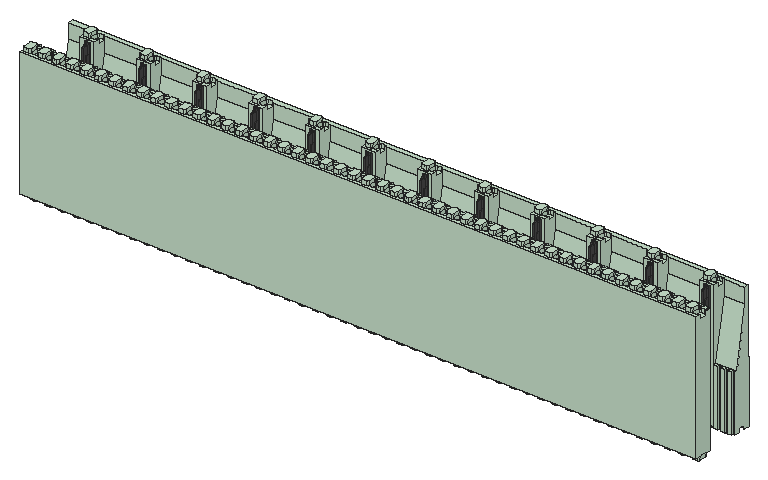
Revit family (continued)
Forms (in)
  Extrusion 172, solid, material "NUDURA Expanded Polystyrene Foam Insulation"
    sketch origin (0, 0, 0) x (1, 0, 0) y (0, 1, 0)
      loop
        line (6.28117, 3.25) -> (6.21883, 3) -> (6.78117, 3) -> (6.71883, 3.25) -> (6.28117, 3.25)
      loop
        line (7.28117, 3.25) -> (7.21883, 3) -> (7.78117, 3) -> (7.71883, 3.25) -> (7.28117, 3.25)
      loop
        line (8.28117, 3.25) -> (8.21883, 3) -> (8.78117, 3) -> (8.71883, 3.25) -> (8.28117, 3.25)
      loop
        line (9.28117, 3.25) -> (9.21883, 3) -> (9.78117, 3) -> (9.71883, 3.25) -> (9.28117, 3.25)
      loop
        line (10.28117, 3.25) -> (10.21883, 3) -> (10.78117, 3) -> (10.71883, 3.25) -> (10.28117, 3.25)
      loop
        line (13.28117, 3.25) -> (13.21883, 3) -> (13.78117, 3) -> (13.71883, 3.25) -> (13.28117, 3.25)
      loop
        line (14.28117, 3.25) -> (14.21883, 3) -> (14.78117, 3) -> (14.71883, 3.25) -> (14.28117, 3.25)
      loop
        line (15.28117, 3.25) -> (15.21883, 3) -> (15.78117, 3) -> (15.71883, 3.25) -> (15.28117, 3.25)
      loop
        line (16.28117, 3.25) -> (16.21883, 3) -> (16.78117, 3) -> (16.71883, 3.25) -> (16.28117, 3.25)
      loop
        line (17.28117, 3.25) -> (17.21883, 3) -> (17.78117, 3) -> (17.71883, 3.25) -> (17.28117, 3.25)
      loop
        line (18.28117, 3.25) -> (18.21883, 3) -> (18.78117, 3) -> (18.71883, 3.25) -> (18.28117, 3.25)
      loop
        line (21.28117, 3.25) -> (21.21883, 3) -> (21.78117, 3) -> (21.71883, 3.25) -> (21.28117, 3.25)
      loop
        line (22.28117, 3.25) -> (22.21883, 3) -> (22.78117, 3) -> (22.71883, 3.25) -> (22.28117, 3.25)
      loop
        line (23.28117, 3.25) -> (23.21883, 3) -> (23.78117, 3) -> (23.71883, 3.25) -> (23.28117, 3.25)
      loop
        line (24.28117, 3.25) -> (24.21883, 3) -> (24.78117, 3) -> (24.71883, 3.25) -> (24.28117, 3.25)
      loop
        line (25.28117, 3.25) -> (25.21883, 3) -> (25.78117, 3) -> (25.71883, 3.25) -> (25.28117, 3.25)
      loop
        line (26.28117, 3.25) -> (26.21883, 3) -> (26.78117, 3) -> (26.71883, 3.25) -> (26.28117, 3.25)
      loop
        line (29.28117, 3.25) -> (29.21883, 3) -> (29.78117, 3) -> (29.71883, 3.25) -> (29.28117, 3.25)
      loop
        line (30.28117, 3.25) -> (30.21883, 3) -> (30.78117, 3) -> (30.71883, 3.25) -> (30.28117, 3.25)
      loop
        line (31.28117, 3.25) -> (31.21883, 3) -> (31.78117, 3) -> (31.71883, 3.25) -> (31.28117, 3.25)
      loop
        line (32.28117, 3.25) -> (32.21883, 3) -> (32.78117, 3) -> (32.71883, 3.25) -> (32.28117, 3.25)
      loop
        line (33.28117, 3.25) -> (33.21883, 3) -> (33.78117, 3) -> (33.71883, 3.25) -> (33.28117, 3.25)
      loop
        line (34.28117, 3.25) -> (34.21883, 3) -> (34.78117, 3) -> (34.71883, 3.25) -> (34.28117, 3.25)
      loop
        line (37.28117, 3.25) -> (37.21883, 3) -> (37.78117, 3) -> (37.71883, 3.25) -> (37.28117, 3.25)
      loop
        line (38.28117, 3.25) -> (38.21883, 3) -> (38.78117, 3) -> (38.71883, 3.25) -> (38.28117, 3.25)
      loop
        line (39.28117, 3.25) -> (39.21883, 3) -> (39.78117, 3) -> (39.71883, 3.25) -> (39.28117, 3.25)
      loop
        line (40.28117, 3.25) -> (40.21883, 3) -> (40.78117, 3) -> (40.71883, 3.25) -> (40.28117, 3.25)
      loop
        line (41.28117, 3.25) -> (41.21883, 3) -> (41.78117, 3) -> (41.71883, 3.25) -> (41.28117, 3.25)
      loop
        line (42.28117, 3.25) -> (42.21883, 3) -> (42.78117, 3) -> (42.71883, 3.25) -> (42.28117, 3.25)
      loop
        line (45.28117, 3.25) -> (45.21883, 3) -> (45.78117, 3) -> (45.71883, 3.25) -> (45.28117, 3.25)
      loop
        line (46.28117, 3.25) -> (46.21883, 3) -> (46.78117, 3) -> (46.71883, 3.25) -> (46.28117, 3.25)
      loop
        line (47.28117, 3.25) -> (47.21883, 3) -> (47.78117, 3) -> (47.71883, 3.25) -> (47.28117, 3.25)
      loop
        line (48.28117, 3.25) -> (48.21883, 3) -> (48.78117, 3) -> (48.71883, 3.25) -> (48.28117, 3.25)
      loop
        line (49.28117, 3.25) -> (49.21883, 3) -> (49.78117, 3) -> (49.71883, 3.25) -> (49.28117, 3.25)
      loop
        line (50.28117, 3.25) -> (50.21883, 3) -> (50.78117, 3) -> (50.71883, 3.25) -> (50.28117, 3.25)
      loop
        line (53.28117, 3.25) -> (53.21883, 3) -> (53.78117, 3) -> (53.71883, 3.25) -> (53.28117, 3.25)
      loop
        line (54.28117, 3.25) -> (54.21883, 3) -> (54.78117, 3) -> (54.71883, 3.25) -> (54.28117, 3.25)
      loop
        line (55.28117, 3.25) -> (55.21883, 3) -> (55.78117, 3) -> (55.71883, 3.25) -> (55.28117, 3.25)
      loop
        line (56.28117, 3.25) -> (56.21883, 3) -> (56.78117, 3) -> (56.71883, 3.25) -> (56.28117, 3.25)
      loop
        line (57.28117, 3.25) -> (57.21883, 3) -> (57.78117, 3) -> (57.71883, 3.25) -> (57.28117, 3.25)
      loop
        line (58.28117, 3.25) -> (58.21883, 3) -> (58.78117, 3) -> (58.71883, 3.25) -> (58.28117, 3.25)
      loop
        line (61.28117, 3.25) -> (61.21883, 3) -> (61.78117, 3) -> (61.71883, 3.25) -> (61.28117, 3.25)
      loop
        line (62.28117, 3.25) -> (62.21883, 3) -> (62.78117, 3) -> (62.71883, 3.25) -> (62.28117, 3.25)
      loop
        line (63.28117, 3.25) -> (63.21883, 3) -> (63.78117, 3) -> (63.71883, 3.25) -> (63.28117, 3.25)
      loop
        line (64.28117, 3.25) -> (64.21883, 3) -> (64.78117, 3) -> (64.71883, 3.25) -> (64.28117, 3.25)
      loop
        line (65.28117, 3.25) -> (65.21883, 3) -> (65.78117, 3) -> (65.71883, 3.25) -> (65.28117, 3.25)
      loop
        line (66.28117, 3.25) -> (66.21883, 3) -> (66.78117, 3) -> (66.71883, 3.25) -> (66.28117, 3.25)
      loop
        line (69.28117, 3.25) -> (69.21883, 3) -> (69.78117, 3) -> (69.71883, 3.25) -> (69.28117, 3.25)
      loop
        line (70.28117, 3.25) -> (70.21883, 3) -> (70.78117, 3) -> (70.71883, 3.25) -> (70.28117, 3.25)
      loop
        line (71.28117, 3.25) -> (71.21883, 3) -> (71.78117, 3) -> (71.71883, 3.25) -> (71.28117, 3.25)
      loop
        line (72.28117, 3.25) -> (72.21883, 3) -> (72.78117, 3) -> (72.71883, 3.25) -> (72.28117, 3.25)
      loop
        line (73.28117, 3.25) -> (73.21883, 3) -> (73.78117, 3) -> (73.71883, 3.25) -> (73.28117, 3.25)
      loop
        line (74.28117, 3.25) -> (74.21883, 3) -> (74.78117, 3) -> (74.71883, 3.25) -> (74.28117, 3.25)
      loop
        line (77.28117, 3.25) -> (77.21883, 3) -> (77.78117, 3) -> (77.71883, 3.25) -> (77.28117, 3.25)
      loop
        line (78.28117, 3.25) -> (78.21883, 3) -> (78.78117, 3) -> (78.71883, 3.25) -> (78.28117, 3.25)
      loop
        line (79.28117, 3.25) -> (79.21883, 3) -> (79.78117, 3) -> (79.71883, 3.25) -> (79.28117, 3.25)
      loop
        line (80.28117, 3.25) -> (80.21883, 3) -> (80.78117, 3) -> (80.71883, 3.25) -> (80.28117, 3.25)
      loop
        line (81.28117, 3.25) -> (81.21883, 3) -> (81.78117, 3) -> (81.71883, 3.25) -> (81.28117, 3.25)
      loop
        line (82.28117, 3.25) -> (82.21883, 3) -> (82.78117, 3) -> (82.71883, 3.25) -> (82.28117, 3.25)
      loop
        line (85.28117, 3.25) -> (85.21883, 3) -> (85.78117, 3) -> (85.71883, 3.25) -> (85.28117, 3.25)
      loop
        line (86.28117, 3.25) -> (86.21883, 3) -> (86.78117, 3) -> (86.71883, 3.25) -> (86.28117, 3.25)
      loop
        line (87.28117, 3.25) -> (87.21883, 3) -> (87.78117, 3) -> (87.71883, 3.25) -> (87.28117, 3.25)
      loop
        line (88.28117, 3.25) -> (88.21883, 3) -> (88.78117, 3) -> (88.71883, 3.25) -> (88.28117, 3.25)
      loop
        line (89.28117, 3.25) -> (89.21883, 3) -> (89.78117, 3) -> (89.71883, 3.25) -> (89.28117, 3.25)
      loop
        line (90.28117, 3.25) -> (90.21883, 3) -> (90.78117, 3) -> (90.71883, 3.25) -> (90.28117, 3.25)
      loop
        line (93.28117, 3.25) -> (93.21883, 3) -> (93.78117, 3) -> (93.71883, 3.25) -> (93.28117, 3.25)
      loop
        line (94.28117, 3.25) -> (94.21883, 3) -> (94.78117, 3) -> (94.71883, 3.25) -> (94.28117, 3.25)
      loop
        line (95.28117, 3.25) -> (95.21883, 3) -> (95.78117, 3) -> (95.71883, 3.25) -> (95.28117, 3.25)
    from 0 to 8
Cuts and joins
  Extrusion 2, Extrusion 3, Extrusion 4, Extrusion 5, Extrusion 6, Extrusion 7, Extrusion 8, Extrusion 9, Extrusion 10, Extrusion 11, Extrusion 12, Extrusion 13, Extrusion 14, Extrusion 15, Extrusion 16, Extrusion 17, Extrusion 18, Extrusion 19, Extrusion 20, Extrusion 21, Extrusion 22, Extrusion 23, Extrusion 24, Extrusion 25, Extrusion 26, Extrusion 27, Extrusion 28, Extrusion 29, Extrusion 30, Extrusion 31, Extrusion 32, Extrusion 33, Extrusion 34, Extrusion 35, Extrusion 36, Extrusion 37, Extrusion 38, Extrusion 39, Extrusion 40, Extrusion 41, Extrusion 42, Extrusion 43, Extrusion 44, Extrusion 45, Extrusion 46, Extrusion 47, Extrusion 48, Extrusion 49, Extrusion 50, Extrusion 51, Extrusion 52, Extrusion 53, Extrusion 54, Extrusion 55, Extrusion 56, Extrusion 57, Extrusion 58, Extrusion 59, Extrusion 60, Extrusion 61, Extrusion 62, Extrusion 63, Extrusion 64, Extrusion 65, Extrusion 66, Extrusion 67, Extrusion 68, Extrusion 69, Extrusion 70, Extrusion 71, Extrusion 72, Extrusion 73, Extrusion 74, Extrusion 75, Extrusion 76, Extrusion 77, Extrusion 78, Extrusion 79, Extrusion 80, Extrusion 81, Extrusion 82, Extrusion 83, Extrusion 84, Extrusion 85, Extrusion 86, Extrusion 87, Extrusion 88, Extrusion 89, Extrusion 90, Extrusion 91, Extrusion 92, Extrusion 93, Extrusion 94, Extrusion 95, Extrusion 96, Extrusion 97, Extrusion 98, Extrusion 99, Extrusion 100, Extrusion 101, Extrusion 102, Extrusion 103, Extrusion 104, Extrusion 105, Extrusion 106, Extrusion 107, Extrusion 108, Extrusion 109, Extrusion 110, Extrusion 111, Extrusion 112, Extrusion 113, Extrusion 114, Extrusion 115, Extrusion 116, Extrusion 117, Extrusion 118, Extrusion 119, Extrusion 120, Extrusion 121, Extrusion 122, Extrusion 123, Extrusion 124, Extrusion 125, Extrusion 126, Extrusion 127, Extrusion 128, Extrusion 129, Extrusion 130, Extrusion 131, Extrusion 132, Extrusion 133, Extrusion 134, Extrusion 135, Extrusion 136, Extrusion 137, Extrusion 138, Extrusion 139, Extrusion 140, Extrusion 141, Extrusion 142, Extrusion 143, Extrusion 144, Extrusion 145, Extrusion 146, Extrusion 147, Extrusion 148, Extrusion 149, Extrusion 150, Extrusion 151, Extrusion 152, Extrusion 153, Extrusion 154, Extrusion 155, Extrusion 156, Extrusion 157 cuts Extrusion 1
  Extrusion 50, Extrusion 51, Extrusion 52, Extrusion 53, Extrusion 54, Extrusion 55, Extrusion 56, Extrusion 57, Extrusion 58, Extrusion 59, Extrusion 60, Extrusion 61, Extrusion 110, Extrusion 111, Extrusion 112, Extrusion 113, Extrusion 114, Extrusion 115, Extrusion 116, Extrusion 117, Extrusion 118, Extrusion 119, Extrusion 120, Extrusion 121, Extrusion 122, Extrusion 123, Extrusion 124, Extrusion 125, Extrusion 126, Extrusion 127, Extrusion 128, Extrusion 129, Extrusion 130, Extrusion 131, Extrusion 132, Extrusion 133, Extrusion 134, Extrusion 135, Extrusion 136, Extrusion 137, Extrusion 138, Extrusion 139, Extrusion 140, Extrusion 141, Extrusion 142, Extrusion 143, Extrusion 144, Extrusion 145, Extrusion 146, Extrusion 147, Extrusion 148, Extrusion 149, Extrusion 150, Extrusion 151, Extrusion 152, Extrusion 153, Extrusion 154, Extrusion 155, Extrusion 156, Extrusion 157 cuts Extrusion 158
  Extrusion 61 cuts Extrusion 159
  Extrusion 60 cuts Extrusion 160
  Extrusion 59 cuts Extrusion 161
  Extrusion 58 cuts Extrusion 162
  Extrusion 57 cuts Extrusion 163
  Extrusion 56 cuts Extrusion 164
  Extrusion 55 cuts Extrusion 165
  Extrusion 54 cuts Extrusion 166
  Extrusion 53 cuts Extrusion 167
  Extrusion 53 cuts Extrusion 168
  Extrusion 52 cuts Extrusion 169
  Extrusion 51 cuts Extrusion 170
  Extrusion 50 cuts Extrusion 171
  joined: Extrusion 158, Extrusion 159, Extrusion 160, Extrusion 161, Extrusion 162, Extrusion 163, Extrusion 164, Extrusion 165, Extrusion 166, Extrusion 167, Extrusion 168, Extrusion 169, Extrusion 170, Extrusion 171, Extrusion 172
Lines and regions (in)
  model lines
    curve 1: line (8, -3.625, 18) -> (8, -3.625, 0)
    curve 2: line (88, 5.625, 18) -> (88, 5.625, 0)
    curve 3: line (64, 5.625, 18) -> (64, 5.625, 0)
    curve 4: line (40, 5.625, 18) -> (40, 5.625, 0)
    curve 5: line (16, 5.625, 18) -> (16, 5.625, 0)
Dimensions and locks (in)
  locked: plane 3 "Center (Left/Right)" to plane 4 at 96
  locked: plane 5 to plane 7 at 2.625
  locked: plane 8 to plane 6 at 2.625
  locked: plane 9 to level at 18
  locked: plane 4 to plane 3 "Center (Left/Right)" at 96
  locked: plane 9 to plane 10 at 0.5
  locked: plane 11 to level at 0.5
  plane 6 to plane 1 "Center (Front/Back)" to plane 5 = 0' - 2", 0' - 2"
  plane 6 to plane 5 = 0' - 4"
  aligned and locked: plane 9 to Extrusion 1
  aligned and locked: Extrusion 1 to plane 3 "Center (Left/Right)"
  aligned and locked: plane 4 to Extrusion 1
  aligned and locked: level to Extrusion 1
  aligned and locked: nested 1 to plane 8
  aligned and locked: nested 124 to cut or joined group of Extrusion 1, Extrusion 2, Extrusion 3, Extrusion 4, Extrusion 5, Extrusion 6, Extrusion 7, Extrusion 8, Extrusion 9, Extrusion 10, Extrusion 11, Extrusion 12, Extrusion 13, Extrusion 14, Extrusion 15, Extrusion 16, Extrusion 17, Extrusion 18, Extrusion 19, Extrusion 20, Extrusion 21, Extrusion 22, Extrusion 23, Extrusion 24, Extrusion 25, Extrusion 26, Extrusion 27, Extrusion 28, Extrusion 29, Extrusion 30, Extrusion 31, Extrusion 32, Extrusion 33, Extrusion 34, Extrusion 35, Extrusion 36, Extrusion 37, Extrusion 38, Extrusion 39, Extrusion 40, Extrusion 41, Extrusion 42, Extrusion 43, Extrusion 44, Extrusion 45, Extrusion 46, Extrusion 47, Extrusion 48, Extrusion 49, Extrusion 50, Extrusion 51, Extrusion 52, Extrusion 53, Extrusion 54, Extrusion 55, Extrusion 56, Extrusion 57, Extrusion 58, Extrusion 59, Extrusion 60, Extrusion 61, Extrusion 62, Extrusion 63, Extrusion 64, Extrusion 65, Extrusion 66, Extrusion 67, Extrusion 68, Extrusion 69, Extrusion 70, Extrusion 71, Extrusion 72, Extrusion 73, Extrusion 74, Extrusion 75, Extrusion 76, Extrusion 77, Extrusion 78, Extrusion 79, Extrusion 80, Extrusion 81, Extrusion 82, Extrusion 83, Extrusion 84, Extrusion 85, Extrusion 86, Extrusion 87, Extrusion 88, Extrusion 89, Extrusion 90, Extrusion 91, Extrusion 92, Extrusion 93, Extrusion 94, Extrusion 95, Extrusion 96, Extrusion 97, Extrusion 98, Extrusion 99, Extrusion 100, Extrusion 101, Extrusion 102, Extrusion 103, Extrusion 104, Extrusion 105, Extrusion 106, Extrusion 107, Extrusion 108, Extrusion 109, Extrusion 110, Extrusion 111, Extrusion 112, Extrusion 113, Extrusion 114, Extrusion 115, Extrusion 116, Extrusion 117, Extrusion 118, Extrusion 119, Extrusion 120, Extrusion 121, Extrusion 122, Extrusion 123, Extrusion 124, Extrusion 125, Extrusion 126, Extrusion 127, Extrusion 128, Extrusion 129, Extrusion 130, Extrusion 131, Extrusion 132, Extrusion 133, Extrusion 134, Extrusion 135, Extrusion 136, Extrusion 137, Extrusion 138, Extrusion 139, Extrusion 140, Extrusion 141, Extrusion 142, Extrusion 143, Extrusion 144, Extrusion 145, Extrusion 146, Extrusion 147, Extrusion 148, Extrusion 149, Extrusion 150, Extrusion 151, Extrusion 152, Extrusion 153, Extrusion 154, Extrusion 155, Extrusion 156, Extrusion 157
Nested families (in)
  nested 1: "NUDURA Diamond Pattern" at (0, 2, 0), type "NUDURA Diamond Pattern"
  nested 2: "NUDURA Diamond Pattern" at (16, 2, 0), type "NUDURA Diamond Pattern"
  nested 3: "NUDURA Diamond Pattern" at (24, 2, 0), type "NUDURA Diamond Pattern"
  nested 4: "NUDURA Diamond Pattern" at (40, 2, 0), type "NUDURA Diamond Pattern"
  nested 5: "NUDURA Diamond Pattern" at (48, 2, 0), type "NUDURA Diamond Pattern"
  nested 6: "NUDURA Diamond Pattern" at (64, 2, 0), type "NUDURA Diamond Pattern"
  nested 7: "NUDURA Diamond Pattern" at (72, 2, 0), type "NUDURA Diamond Pattern"
  nested 8: "NUDURA Diamond Pattern" at (88, 2, 0), type "NUDURA Diamond Pattern"
  nested 9: "NUDURA Diamond Pattern" at (0, 0, 0), type "NUDURA Diamond Pattern"
  nested 10: "NUDURA Diamond Pattern" at (16, 0, 0), type "NUDURA Diamond Pattern"
  nested 11: "NUDURA Diamond Pattern" at (24, 0, 0), type "NUDURA Diamond Pattern"
  nested 12: "NUDURA Diamond Pattern" at (40, 0, 0), type "NUDURA Diamond Pattern"
  nested 13: "NUDURA Diamond Pattern" at (48, 0, 0), type "NUDURA Diamond Pattern"
  nested 14: "NUDURA Diamond Pattern" at (64, 0, 0), type "NUDURA Diamond Pattern"
  nested 15: "NUDURA Diamond Pattern" at (72, 0, 0), type "NUDURA Diamond Pattern"
  nested 16: "NUDURA Diamond Pattern" at (88, 0, 0), type "NUDURA Diamond Pattern"
  nested 17: "Interlock Tooth" at (0, 2, 0), type "Interlock Tooth"
  nested 18: "Interlock Tooth" at (2, 2, 0), type "Interlock Tooth"
  nested 19: "Interlock Tooth" at (4, 2, 0), type "Interlock Tooth"
  nested 20: "Interlock Tooth" at (6, 2, 0), type "Interlock Tooth"
  nested 21: "Interlock Tooth" at (8, 2, 0), type "Interlock Tooth"
  nested 22: "Interlock Tooth" at (10, 2, 0), type "Interlock Tooth"
  nested 23: "Interlock Tooth" at (12, 2, 0), type "Interlock Tooth"
  nested 24: "Interlock Tooth" at (14, 2, 0), type "Interlock Tooth"
  nested 25: "Interlock Tooth" at (16, 2, 0), type "Interlock Tooth"
  nested 26: "Interlock Tooth" at (18, 2, 0), type "Interlock Tooth"
  nested 27: "Interlock Tooth" at (20, 2, 0), type "Interlock Tooth"
  nested 28: "Interlock Tooth" at (22, 2, 0), type "Interlock Tooth"
  nested 29: "Interlock Tooth" at (24, 2, 0), type "Interlock Tooth"
  nested 30: "Interlock Tooth" at (26, 2, 0), type "Interlock Tooth"
  nested 31: "Interlock Tooth" at (28, 2, 0), type "Interlock Tooth"
  nested 32: "Interlock Tooth" at (30, 2, 0), type "Interlock Tooth"
  nested 33: "Interlock Tooth" at (32, 2, 0), type "Interlock Tooth"
  nested 34: "Interlock Tooth" at (34, 2, 0), type "Interlock Tooth"
  nested 35: "Interlock Tooth" at (36, 2, 0), type "Interlock Tooth"
  nested 36: "Interlock Tooth" at (38, 2, 0), type "Interlock Tooth"
  nested 37: "Interlock Tooth" at (40, 2, 0), type "Interlock Tooth"
  nested 38: "Interlock Tooth" at (42, 2, 0), type "Interlock Tooth"
  nested 39: "Interlock Tooth" at (44, 2, 0), type "Interlock Tooth"
  nested 40: "Interlock Tooth" at (46, 2, 0), type "Interlock Tooth"
  nested 41: "Interlock Tooth" at (48, 2, 0), type "Interlock Tooth"
  nested 42: "Interlock Tooth" at (50, 2, 0), type "Interlock Tooth"
  nested 43: "Interlock Tooth" at (52, 2, 0), type "Interlock Tooth"
  nested 44: "Interlock Tooth" at (54, 2, 0), type "Interlock Tooth"
  nested 45: "Interlock Tooth" at (56, 2, 0), type "Interlock Tooth"
  nested 46: "Interlock Tooth" at (58, 2, 0), type "Interlock Tooth"
  nested 47: "Interlock Tooth" at (60, 2, 0), type "Interlock Tooth"
  nested 48: "Interlock Tooth" at (62, 2, 0), type "Interlock Tooth"
  nested 49: "Interlock Tooth" at (64, 2, 0), type "Interlock Tooth"
  nested 50: "Interlock Tooth" at (66, 2, 0), type "Interlock Tooth"
  nested 51: "Interlock Tooth" at (68, 2, 0), type "Interlock Tooth"
  nested 52: "Interlock Tooth" at (70, 2, 0), type "Interlock Tooth"
  nested 53: "Interlock Tooth" at (72, 2, 0), type "Interlock Tooth"
  nested 54: "Interlock Tooth" at (74, 2, 0), type "Interlock Tooth"
  nested 55: "Interlock Tooth" at (76, 2, 0), type "Interlock Tooth"
  nested 56: "Interlock Tooth" at (78, 2, 0), type "Interlock Tooth"
  nested 57: "Interlock Tooth" at (80, 2, 0), type "Interlock Tooth"
  nested 58: "Interlock Tooth" at (82, 2, 0), type "Interlock Tooth"
  nested 59: "Interlock Tooth" at (84, 2, 0), type "Interlock Tooth"
  nested 60: "Interlock Tooth" at (86, 2, 0), type "Interlock Tooth"
  nested 61: "Interlock Tooth" at (88, 2, 0), type "Interlock Tooth"
  nested 62: "Interlock Tooth" at (90, 2, 0), type "Interlock Tooth"
  nested 63: "Interlock Tooth" at (92, 2, 0), type "Interlock Tooth"
  nested 64: "Interlock Tooth" at (94, 2, 0), type "Interlock Tooth"
  nested 65: "Interlock Tooth" at (3, 8.875, 0), type "Interlock Tooth"
  nested 66: "Interlock Tooth" at (11, 8.875, 0), type "Interlock Tooth"
  nested 67: "Interlock Tooth" at (19, 8.875, 0), type "Interlock Tooth"
  nested 68: "Interlock Tooth" at (27, 8.875, 0), type "Interlock Tooth"
  nested 69: "Interlock Tooth" at (35, 8.875, 0), type "Interlock Tooth"
  nested 70: "Interlock Tooth" at (43, 8.875, 0), type "Interlock Tooth"
  nested 71: "Interlock Tooth" at (51, 8.875, 0), type "Interlock Tooth"
  nested 72: "Interlock Tooth" at (59, 8.875, 0), type "Interlock Tooth"
  nested 73: "Interlock Tooth" at (67, 8.875, 0), type "Interlock Tooth"
  nested 74: "Interlock Tooth" at (75, 8.875, 0), type "Interlock Tooth"
  nested 75: "Interlock Tooth" at (83, 8.875, 0), type "Interlock Tooth"
  nested 76: "Interlock Tooth" at (91, 8.875, 0), type "Interlock Tooth"
  nested 77: "Interlock Tooth" at (1, -6.875, -18.5), type "Interlock Tooth"
  nested 78: "Interlock Tooth" at (3, -6.875, -18.5), type "Interlock Tooth"
  nested 79: "Interlock Tooth" at (5, -6.875, -18.5), type "Interlock Tooth"
  nested 80: "Interlock Tooth" at (7, -6.875, -18.5), type "Interlock Tooth"
  nested 81: "Interlock Tooth" at (9, -6.875, -18.5), type "Interlock Tooth"
  nested 82: "Interlock Tooth" at (11, -6.875, -18.5), type "Interlock Tooth"
  nested 83: "Interlock Tooth" at (13, -6.875, -18.5), type "Interlock Tooth"
  nested 84: "Interlock Tooth" at (15, -6.875, -18.5), type "Interlock Tooth"
  nested 85: "Interlock Tooth" at (17, -6.875, -18.5), type "Interlock Tooth"
  nested 86: "Interlock Tooth" at (19, -6.875, -18.5), type "Interlock Tooth"
  nested 87: "Interlock Tooth" at (21, -6.875, -18.5), type "Interlock Tooth"
  nested 88: "Interlock Tooth" at (23, -6.875, -18.5), type "Interlock Tooth"
  nested 89: "Interlock Tooth" at (25, -6.875, -18.5), type "Interlock Tooth"
  nested 90: "Interlock Tooth" at (27, -6.875, -18.5), type "Interlock Tooth"
  nested 91: "Interlock Tooth" at (29, -6.875, -18.5), type "Interlock Tooth"
  nested 92: "Interlock Tooth" at (31, -6.875, -18.5), type "Interlock Tooth"
  nested 93: "Interlock Tooth" at (33, -6.875, -18.5), type "Interlock Tooth"
  nested 94: "Interlock Tooth" at (35, -6.875, -18.5), type "Interlock Tooth"
  nested 95: "Interlock Tooth" at (37, -6.875, -18.5), type "Interlock Tooth"
  nested 96: "Interlock Tooth" at (39, -6.875, -18.5), type "Interlock Tooth"
  nested 97: "Interlock Tooth" at (41, -6.875, -18.5), type "Interlock Tooth"
  nested 98: "Interlock Tooth" at (43, -6.875, -18.5), type "Interlock Tooth"
  nested 99: "Interlock Tooth" at (45, -6.875, -18.5), type "Interlock Tooth"
  nested 100: "Interlock Tooth" at (47, -6.875, -18.5), type "Interlock Tooth"
  nested 101: "Interlock Tooth" at (49, -6.875, -18.5), type "Interlock Tooth"
  nested 102: "Interlock Tooth" at (51, -6.875, -18.5), type "Interlock Tooth"
  nested 103: "Interlock Tooth" at (53, -6.875, -18.5), type "Interlock Tooth"
  nested 104: "Interlock Tooth" at (55, -6.875, -18.5), type "Interlock Tooth"
  nested 105: "Interlock Tooth" at (57, -6.875, -18.5), type "Interlock Tooth"
  nested 106: "Interlock Tooth" at (59, -6.875, -18.5), type "Interlock Tooth"
  nested 107: "Interlock Tooth" at (61, -6.875, -18.5), type "Interlock Tooth"
  nested 108: "Interlock Tooth" at (63, -6.875, -18.5), type "Interlock Tooth"
  nested 109: "Interlock Tooth" at (65, -6.875, -18.5), type "Interlock Tooth"
  nested 110: "Interlock Tooth" at (67, -6.875, -18.5), type "Interlock Tooth"
  nested 111: "Interlock Tooth" at (69, -6.875, -18.5), type "Interlock Tooth"
  nested 112: "Interlock Tooth" at (71, -6.875, -18.5), type "Interlock Tooth"
  nested 113: "Interlock Tooth" at (73, -6.875, -18.5), type "Interlock Tooth"
  nested 114: "Interlock Tooth" at (75, -6.875, -18.5), type "Interlock Tooth"
  nested 115: "Interlock Tooth" at (77, -6.875, -18.5), type "Interlock Tooth"
  nested 116: "Interlock Tooth" at (79, -6.875, -18.5), type "Interlock Tooth"
  nested 117: "Interlock Tooth" at (81, -6.875, -18.5), type "Interlock Tooth"
  nested 118: "Interlock Tooth" at (83, -6.875, -18.5), type "Interlock Tooth"
  nested 119: "Interlock Tooth" at (85, -6.875, -18.5), type "Interlock Tooth"
  nested 120: "Interlock Tooth" at (87, -6.875, -18.5), type "Interlock Tooth"
  nested 121: "Interlock Tooth" at (89, -6.875, -18.5), type "Interlock Tooth"
  nested 122: "Interlock Tooth" at (91, -6.875, -18.5), type "Interlock Tooth"
  nested 123: "Interlock Tooth" at (93, -6.875, -18.5), type "Interlock Tooth"
  nested 124: "Interlock Tooth" at (95, -6.875, -18.5), type "Interlock Tooth"
  nested 125: "Interlock Tooth" at (0, 0, -18.5), type "Interlock Tooth"
  nested 126: "Interlock Tooth" at (2, 0, -18.5), type "Interlock Tooth"
  nested 127: "Interlock Tooth" at (4, 0, -18.5), type "Interlock Tooth"
  nested 128: "Interlock Tooth" at (6, 0, -18.5), type "Interlock Tooth"
  nested 129: "Interlock Tooth" at (8, 0, -18.5), type "Interlock Tooth"
  nested 130: "Interlock Tooth" at (10, 0, -18.5), type "Interlock Tooth"
  nested 131: "Interlock Tooth" at (12, 0, -18.5), type "Interlock Tooth"
  nested 132: "Interlock Tooth" at (14, 0, -18.5), type "Interlock Tooth"
  nested 133: "Interlock Tooth" at (16, 0, -18.5), type "Interlock Tooth"
  nested 134: "Interlock Tooth" at (18, 0, -18.5), type "Interlock Tooth"
  nested 135: "Interlock Tooth" at (20, 0, -18.5), type "Interlock Tooth"
  nested 136: "Interlock Tooth" at (22, 0, -18.5), type "Interlock Tooth"
  nested 137: "Interlock Tooth" at (24, 0, -18.5), type "Interlock Tooth"
  nested 138: "Interlock Tooth" at (26, 0, -18.5), type "Interlock Tooth"
  nested 139: "Interlock Tooth" at (28, 0, -18.5), type "Interlock Tooth"
  nested 140: "Interlock Tooth" at (30, 0, -18.5), type "Interlock Tooth"
  nested 141: "Interlock Tooth" at (32, 0, -18.5), type "Interlock Tooth"
  nested 142: "Interlock Tooth" at (34, 0, -18.5), type "Interlock Tooth"
  nested 143: "Interlock Tooth" at (36, 0, -18.5), type "Interlock Tooth"
  nested 144: "Interlock Tooth" at (38, 0, -18.5), type "Interlock Tooth"
  nested 145: "Interlock Tooth" at (40, 0, -18.5), type "Interlock Tooth"
  nested 146: "Interlock Tooth" at (42, 0, -18.5), type "Interlock Tooth"
  nested 147: "Interlock Tooth" at (44, 0, -18.5), type "Interlock Tooth"
  nested 148: "Interlock Tooth" at (46, 0, -18.5), type "Interlock Tooth"
  nested 149: "Interlock Tooth" at (48, 0, -18.5), type "Interlock Tooth"
  nested 150: "Interlock Tooth" at (50, 0, -18.5), type "Interlock Tooth"
  nested 151: "Interlock Tooth" at (52, 0, -18.5), type "Interlock Tooth"
  nested 152: "Interlock Tooth" at (54, 0, -18.5), type "Interlock Tooth"
  nested 153: "Interlock Tooth" at (56, 0, -18.5), type "Interlock Tooth"
  nested 154: "Interlock Tooth" at (58, 0, -18.5), type "Interlock Tooth"
  nested 155: "Interlock Tooth" at (60, 0, -18.5), type "Interlock Tooth"
  nested 156: "Interlock Tooth" at (62, 0, -18.5), type "Interlock Tooth"
  nested 157: "Interlock Tooth" at (64, 0, -18.5), type "Interlock Tooth"
  nested 158: "Interlock Tooth" at (66, 0, -18.5), type "Interlock Tooth"
  nested 159: "Interlock Tooth" at (68, 0, -18.5), type "Interlock Tooth"
  nested 160: "Interlock Tooth" at (70, 0, -18.5), type "Interlock Tooth"
  nested 161: "Interlock Tooth" at (72, 0, -18.5), type "Interlock Tooth"
  nested 162: "Interlock Tooth" at (74, 0, -18.5), type "Interlock Tooth"
  nested 163: "Interlock Tooth" at (76, 0, -18.5), type "Interlock Tooth"
  nested 164: "Interlock Tooth" at (78, 0, -18.5), type "Interlock Tooth"
  nested 165: "Interlock Tooth" at (80, 0, -18.5), type "Interlock Tooth"
  nested 166: "Interlock Tooth" at (82, 0, -18.5), type "Interlock Tooth"
  nested 167: "Interlock Tooth" at (84, 0, -18.5), type "Interlock Tooth"
  nested 168: "Interlock Tooth" at (86, 0, -18.5), type "Interlock Tooth"
  nested 169: "Interlock Tooth" at (88, 0, -18.5), type "Interlock Tooth"
  nested 170: "Interlock Tooth" at (90, 0, -18.5), type "Interlock Tooth"
  nested 171: "Interlock Tooth" at (92, 0, -18.5), type "Interlock Tooth"
  nested 172: "Interlock Tooth" at (94, 0, -18.5), type "Interlock Tooth"
  nested 173: "NUDURA Logo Diamond" at (0, -3.625, 0), type "NUDURA Logo Diamond"
  nested 174: "NUDURA Logo Diamond" at (24, -3.625, 0), type "NUDURA Logo Diamond"
  nested 175: "NUDURA Logo Diamond" at (48, -3.625, 0), type "NUDURA Logo Diamond"
  nested 176: "NUDURA Logo Diamond" at (72, -3.625, 0), type "NUDURA Logo Diamond"
  nested 177: "NUDURA Logo Diamond" at (95.99744, 5.625, 0) x (-1, 0, 0) z (0, 0, 1), type "NUDURA Logo Diamond"
  nested 178: "NUDURA Logo Diamond" at (71.99744, 5.625, 0) x (-1, 0, 0) z (0, 0, 1), type "NUDURA Logo Diamond"
  nested 179: "NUDURA Logo Diamond" at (47.99744, 5.625, 0) x (-1, 0, 0) z (0, 0, 1), type "NUDURA Logo Diamond"
  nested 180: "NUDURA Logo Diamond" at (23.99744, 5.625, 0) x (-1, 0, 0) z (0, 0, 1), type "NUDURA Logo Diamond"
  nested 181: "4-inch Insert Web" at (4, 1, 0), type "4-inch Insert Web"
  nested 182: "4-inch Insert Web" at (12, 1, 0), type "4-inch Insert Web"
  nested 183: "4-inch Insert Web" at (20, 1, 0), type "4-inch Insert Web"
  nested 184: "4-inch Insert Web" at (28, 1, 0), type "4-inch Insert Web"
  nested 185: "4-inch Insert Web" at (36, 1, 0), type "4-inch Insert Web"
  nested 186: "4-inch Insert Web" at (44, 1, 0), type "4-inch Insert Web"
  nested 187: "4-inch Insert Web" at (52, 1, 0), type "4-inch Insert Web"
  nested 188: "4-inch Insert Web" at (60, 1, 0), type "4-inch Insert Web"
  nested 189: "4-inch Insert Web" at (68, 1, 0), type "4-inch Insert Web"
  nested 190: "4-inch Insert Web" at (84, 1, 0), type "4-inch Insert Web"
  nested 191: "4-inch Insert Web" at (92, 1, 0), type "4-inch Insert Web"
  nested 192: "4-inch Insert Web" at (76, 1, 0), type "4-inch Insert Web"
Definition of nested family "Interlock Tooth"
  Reference planes (in)
    plane 1 "Center (Front/Back)": y = 0
    plane 2: z = 0
    plane 3 "Center (Left/Right)": x = 0
    plane 4: z = 18
    plane 5: z = 18.5
    plane 6: z = -0.5
  Forms (in)
    Extrusion 1, solid, material "NUDURA Expanded Polystyrene Foam Insulation"
      sketch origin (0, -8.875, 0) x (1, 0, 0) y (0, 1, 0)
        loop
          arc (0, 3.97692) -> (0.04785, 3.82983) -> (0.17308, 3.73905) r 0.25
          arc (0.17308, 3.73905) -> (0.5, 3.6875) -> (0.82692, 3.73905) r 1.0625
          arc (0.82692, 3.73905) -> (0.95215, 3.82983) -> (1, 3.97692) r 0.25
          line (1, 3.97692) -> (1, 4.89808)
          arc (1, 4.89808) -> (0.95215, 5.04517) -> (0.82692, 5.13595) r 0.25
          arc (0.82692, 5.13595) -> (0.5, 5.1875) -> (0.17308, 5.13595) r 1.0625
          arc (0.17308, 5.13595) -> (0.04785, 5.04517) -> (0, 4.89808) r 0.25
          line (0, 4.89808) -> (0, 3.97692)
      from 18 to 18.5
  Dimensions and locks (in)
    locked: plane 4 to level at 18
    locked: plane 4 to plane 5 at 0.5
    locked: plane 6 to level at 0.5
Definition of nested family "4-inch Insert Web"
  Reference planes (in)
    plane 1 "Center (Front/Back)": y = 0
    plane 2: z = 0
    plane 3 "Center (Left/Right)": x = 0
  Forms (in)
    Extrusion 1, solid, material "High Density Polystyrene"
      sketch origin (0, 0, 0) x (0, 1, 0) y (0, 0, 1)
        loop
          line (2.25, 0) -> (2.25, 17.74583)
          arc (2.25, 17.74583) -> (2.22112, 17.72608) -> (2.21, 17.69292) r 0.055
          line (2.21, 17.69292) -> (2.21, 0.05292)
          arc (2.21, 0.05292) -> (2.22112, 0.01975) -> (2.25, 0) r 0.055
        loop
          arc (-2.25, 0) -> (-2.22112, 0.01975) -> (-2.21, 0.05292) r 0.055
          line (-2.21, 0.05292) -> (-2.21, 17.69292)
          arc (-2.21, 17.69292) -> (-2.22112, 17.72608) -> (-2.25, 17.74583) r 0.055
          line (-2.25, 17.74583) -> (-2.25, 0)
      from 0.36328 to -0.36328
    Extrusion 2, solid, material "High Density Polystyrene"
      sketch origin (0, 0, 0) x (0, 1, 0) y (0, 0, 1)
        loop
          arc (2.18889, 17.40785) -> (2.20374, 17.40241) -> (2.21, 17.38789) r 0.02
          line (2.21, 17.38789) -> (2.21, 17.63668)
          arc (2.21, 17.63668) -> (2.20585, 17.62147) -> (2.19457, 17.61045) r 0.03
          line (2.19457, 17.61045) -> (2.12543, 17.57204)
          arc (2.12543, 17.57204) -> (2.11414, 17.56103) -> (2.11, 17.54582) r 0.03
          line (2.11, 17.54582) -> (2.11, 17.42461)
          arc (2.11, 17.42461) -> (2.11625, 17.41008) -> (2.13111, 17.40464) r 0.02
          line (2.13111, 17.40464) -> (2.18889, 17.40785)
        loop
          line (-2.12543, 17.57204) -> (-2.19457, 17.61045)
          arc (-2.19457, 17.61045) -> (-2.20585, 17.62147) -> (-2.21, 17.63668) r 0.03
          line (-2.21, 17.63668) -> (-2.21, 17.38789)
          arc (-2.21, 17.38789) -> (-2.20374, 17.40241) -> (-2.18889, 17.40785) r 0.02
          line (-2.18889, 17.40785) -> (-2.13111, 17.40464)
          arc (-2.13111, 17.40464) -> (-2.11625, 17.41008) -> (-2.11, 17.42461) r 0.02
          line (-2.11, 17.42461) -> (-2.11, 17.54582)
          arc (-2.11, 17.54582) -> (-2.11414, 17.56103) -> (-2.12543, 17.57204) r 0.03
        loop
          line (2.18889, 0.33798) -> (2.13111, 0.34119)
          arc (2.13111, 0.34119) -> (2.11625, 0.33575) -> (2.11, 0.32122) r 0.02
          line (2.11, 0.32122) -> (2.11, 0.20001)
          arc (2.11, 0.20001) -> (2.11414, 0.1848) -> (2.12543, 0.17379) r 0.03
          line (2.12543, 0.17379) -> (2.19457, 0.13538)
          arc (2.19457, 0.13538) -> (2.20585, 0.12437) -> (2.21, 0.10915) r 0.03
          line (2.21, 0.10915) -> (2.21, 0.35795)
          arc (2.21, 0.35795) -> (2.20374, 0.34342) -> (2.18889, 0.33798) r 0.02
        loop
          arc (-2.12543, 0.17379) -> (-2.11414, 0.1848) -> (-2.11, 0.20001) r 0.03
          line (-2.11, 0.20001) -> (-2.11, 0.32122)
          arc (-2.11, 0.32122) -> (-2.11625, 0.33575) -> (-2.13111, 0.34119) r 0.02
          line (-2.13111, 0.34119) -> (-2.18889, 0.33798)
          arc (-2.18889, 0.33798) -> (-2.20374, 0.34342) -> (-2.21, 0.35795) r 0.02
          line (-2.21, 0.35795) -> (-2.21, 0.10915)
          arc (-2.21, 0.10915) -> (-2.20585, 0.12437) -> (-2.19457, 0.13538) r 0.03
          line (-2.19457, 0.13538) -> (-2.12543, 0.17379)
        loop
          line (2, 17.20772) -> (1.925, 17.43772)
          arc (1.925, 17.43772) -> (1.875, 17.46772) -> (1.825, 17.43772) r 0.05667
          line (1.825, 17.43772) -> (1.77609, 17.28772) -> (1.64893, 17.28772)
          arc (1.64893, 17.28772) -> (1.61433, 17.27339) -> (1.6, 17.2388) r 0.04893
          line (1.6, 17.2388) -> (1.6, 17.20772) -> (1.5, 17.20772) -> (1.5, 15.75595)
          arc (1.5, 15.75595) -> (1.43087, 15.489) -> (1.24086, 15.28915) r 0.55
          arc (1.24086, 15.28915) -> (1.19232, 15.23289) -> (1.1843, 15.15901) r 0.125
          arc (1.1843, 15.15901) -> (0.73923, 14.83241) -> (0.77171, 15.3835) r 0.305
          arc (0.77171, 15.3835) -> (0.88403, 15.69146) -> (0.56557, 15.7692) r 0.22
          arc (0.56557, 15.7692) -> (0.29606, 15.63872) -> (0, 15.59389) r 1
          arc (0, 15.59389) -> (-0.29606, 15.63872) -> (-0.56557, 15.7692) r 1
          arc (-0.56557, 15.7692) -> (-0.88403, 15.69146) -> (-0.77171, 15.3835) r 0.22
          arc (-0.77171, 15.3835) -> (-0.73923, 14.83241) -> (-1.1843, 15.15901) r 0.305
          arc (-1.1843, 15.15901) -> (-1.19232, 15.23289) -> (-1.24086, 15.28915) r 0.125
          arc (-1.24086, 15.28915) -> (-1.43087, 15.489) -> (-1.5, 15.75595) r 0.55
          line (-1.5, 15.75595) -> (-1.5, 17.20772) -> (-1.6, 17.20772) -> (-1.6, 17.2388)
          arc (-1.6, 17.2388) -> (-1.61433, 17.27339) -> (-1.64893, 17.28772) r 0.04893
          line (-1.64893, 17.28772) -> (-1.77609, 17.28772) -> (-1.825, 17.43772)
          arc (-1.825, 17.43772) -> (-1.875, 17.46772) -> (-1.925, 17.43772) r 0.05667
          line (-1.925, 17.43772) -> (-2, 17.20772) -> (-2, 0.66519) -> (-1.925, 0.43519)
          arc (-1.925, 0.43519) -> (-1.875, 0.40519) -> (-1.825, 0.43519) r 0.05667
          line (-1.825, 0.43519) -> (-1.77609, 0.58519) -> (-1.64893, 0.58519)
          arc (-1.64893, 0.58519) -> (-1.61433, 0.59952) -> (-1.6, 0.63412) r 0.04893
          line (-1.6, 0.63412) -> (-1.6, 0.66519) -> (-1.5, 0.66519) -> (-1.5, 2.24405)
          arc (-1.5, 2.24405) -> (-1.43087, 2.511) -> (-1.24086, 2.71085) r 0.55
          arc (-1.24086, 2.71085) -> (-1.19232, 2.76711) -> (-1.1843, 2.84099) r 0.125
          arc (-1.1843, 2.84099) -> (-0.73923, 3.16759) -> (-0.77171, 2.6165) r 0.305
          arc (-0.77171, 2.6165) -> (-0.88403, 2.30854) -> (-0.56557, 2.2308) r 0.22
          arc (-0.56557, 2.2308) -> (-0.29606, 2.36128) -> (0, 2.40611) r 1
          arc (0, 2.40611) -> (0.29606, 2.36128) -> (0.56557, 2.2308) r 1
          arc (0.56557, 2.2308) -> (0.88403, 2.30854) -> (0.77171, 2.6165) r 0.22
          arc (0.77171, 2.6165) -> (0.73923, 3.16759) -> (1.1843, 2.84099) r 0.305
          arc (1.1843, 2.84099) -> (1.19232, 2.76711) -> (1.24086, 2.71085) r 0.125
          arc (1.24086, 2.71085) -> (1.43087, 2.511) -> (1.5, 2.24405) r 0.55
          line (1.5, 2.24405) -> (1.5, 0.66519) -> (1.6, 0.66519) -> (1.6, 0.63412)
          arc (1.6, 0.63412) -> (1.61433, 0.59952) -> (1.64893, 0.58519) r 0.04893
          line (1.64893, 0.58519) -> (1.77609, 0.58519) -> (1.825, 0.43519)
          arc (1.825, 0.43519) -> (1.875, 0.40519) -> (1.925, 0.43519) r 0.05667
          line (1.925, 0.43519) -> (2, 0.66519) -> (2, 17.20772)
        loop
          line (1.103, 14.44673) -> (0.32953, 14.08475)
          arc (0.32953, 14.08475) -> (0.17093, 13.84564) -> (0.06, 13.58104) r 1.52295
          line (0.06, 13.58104) -> (0.06, 13.02037)
          arc (0.06, 13.02037) -> (0.17285, 12.82194) -> (0.3725, 12.71127) r 0.42217
          line (0.3725, 12.71127) -> (1.125, 12.71127)
          arc (1.125, 12.71127) -> (1.35049, 12.86078) -> (1.5, 13.08627) r 0.68126
          line (1.5, 13.08627) -> (1.5, 14.11451)
          arc (1.5, 14.11451) -> (1.35557, 14.34523) -> (1.103, 14.44673) r 0.43974
        loop
          arc (-1.103, 14.44673) -> (-1.35557, 14.34523) -> (-1.5, 14.11451) r 0.43974
          line (-1.5, 14.11451) -> (-1.5, 13.08627)
          arc (-1.5, 13.08627) -> (-1.35049, 12.86078) -> (-1.125, 12.71127) r 0.68126
          line (-1.125, 12.71127) -> (-0.3725, 12.71127)
          arc (-0.3725, 12.71127) -> (-0.17285, 12.82194) -> (-0.06, 13.02037) r 0.42217
          line (-0.06, 13.02037) -> (-0.06, 13.58104)
          arc (-0.06, 13.58104) -> (-0.17093, 13.84564) -> (-0.32953, 14.08475) r 1.52295
          line (-0.32953, 14.08475) -> (-1.103, 14.44673)
        loop
          arc (1.103, 10.7958) -> (1.35557, 10.89731) -> (1.5, 11.12803) r 0.43974
          line (1.5, 11.12803) -> (1.5, 12.15627)
          arc (1.5, 12.15627) -> (1.35049, 12.38175) -> (1.125, 12.53127) r 0.68126
          line (1.125, 12.53127) -> (0.3725, 12.53127)
          arc (0.3725, 12.53127) -> (0.17285, 12.42059) -> (0.06, 12.22217) r 0.42217
          line (0.06, 12.22217) -> (0.06, 11.6615)
          arc (0.06, 11.6615) -> (0.17093, 11.39689) -> (0.32953, 11.15779) r 1.52295
          line (0.32953, 11.15779) -> (1.103, 10.7958)
        loop
          line (-1.103, 10.7958) -> (-0.32953, 11.15779)
          arc (-0.32953, 11.15779) -> (-0.17093, 11.39689) -> (-0.06, 11.6615) r 1.52295
          line (-0.06, 11.6615) -> (-0.06, 12.22217)
          arc (-0.06, 12.22217) -> (-0.17285, 12.42059) -> (-0.3725, 12.53127) r 0.42217
          line (-0.3725, 12.53127) -> (-1.125, 12.53127)
          arc (-1.125, 12.53127) -> (-1.35049, 12.38175) -> (-1.5, 12.15627) r 0.68126
          line (-1.5, 12.15627) -> (-1.5, 11.12803)
          arc (-1.5, 11.12803) -> (-1.35557, 10.89731) -> (-1.103, 10.7958) r 0.43974
        loop
          arc (0.42388, 10.91489) -> (0.21712, 10.98532) -> (0, 11.00917) r 1
          arc (0, 11.00917) -> (-0.21712, 10.98532) -> (-0.42388, 10.91489) r 1
          line (-0.42388, 10.91489) -> (-1.21194, 10.54608)
          arc (-1.21194, 10.54608) -> (-1.42188, 10.36158) -> (-1.5, 10.09322) r 0.5
          line (-1.5, 10.09322) -> (-1.5, 9.31235) -> (-1.38, 9.11235) -> (-1.38, 9) -> (-1.38, 8.88765) -> (-1.5, 8.68765) -> (-1.5, 7.90678)
          arc (-1.5, 7.90678) -> (-1.42188, 7.63842) -> (-1.21194, 7.45392) r 0.5
          line (-1.21194, 7.45392) -> (-0.42388, 7.08511)
          arc (-0.42388, 7.08511) -> (-0.21712, 7.01468) -> (0, 6.99083) r 1
          arc (0, 6.99083) -> (0.21712, 7.01468) -> (0.42388, 7.08511) r 1
          line (0.42388, 7.08511) -> (1.21194, 7.45392)
          arc (1.21194, 7.45392) -> (1.42188, 7.63842) -> (1.5, 7.90678) r 0.5
          line (1.5, 7.90678) -> (1.5, 8.68765) -> (1.38, 8.88765) -> (1.38, 9) -> (1.38, 9.11235) -> (1.5, 9.31235) -> (1.5, 10.09322)
          arc (1.5, 10.09322) -> (1.42188, 10.36158) -> (1.21194, 10.54608) r 0.5
          line (1.21194, 10.54608) -> (0.42388, 10.91489)
        loop
          arc (1.103, 3.55327) -> (1.35557, 3.65477) -> (1.5, 3.88549) r 0.43974
          line (1.5, 3.88549) -> (1.5, 4.91373)
          arc (1.5, 4.91373) -> (1.35049, 5.13922) -> (1.125, 5.28873) r 0.68126
          line (1.125, 5.28873) -> (0.3725, 5.28873)
          arc (0.3725, 5.28873) -> (0.17285, 5.17806) -> (0.06, 4.97963) r 0.42217
          line (0.06, 4.97963) -> (0.06, 4.41896)
          arc (0.06, 4.41896) -> (0.17093, 4.15436) -> (0.32953, 3.91525) r 1.52295
          line (0.32953, 3.91525) -> (1.103, 3.55327)
        loop
          line (-1.103, 3.55327) -> (-0.32953, 3.91525)
          arc (-0.32953, 3.91525) -> (-0.17093, 4.15436) -> (-0.06, 4.41896) r 1.52295
          line (-0.06, 4.41896) -> (-0.06, 4.97963)
          arc (-0.06, 4.97963) -> (-0.17285, 5.17806) -> (-0.3725, 5.28873) r 0.42217
          line (-0.3725, 5.28873) -> (-1.125, 5.28873)
          arc (-1.125, 5.28873) -> (-1.35049, 5.13922) -> (-1.5, 4.91373) r 0.68126
          line (-1.5, 4.91373) -> (-1.5, 3.88549)
          arc (-1.5, 3.88549) -> (-1.35557, 3.65477) -> (-1.103, 3.55327) r 0.43974
        loop
          line (1.103, 7.2042) -> (0.32953, 6.84221)
          arc (0.32953, 6.84221) -> (0.17093, 6.60311) -> (0.06, 6.3385) r 1.52295
          line (0.06, 6.3385) -> (0.06, 5.77783)
          arc (0.06, 5.77783) -> (0.17285, 5.57941) -> (0.3725, 5.46873) r 0.42217
          line (0.3725, 5.46873) -> (1.125, 5.46873)
          arc (1.125, 5.46873) -> (1.35049, 5.61825) -> (1.5, 5.84373) r 0.68126
          line (1.5, 5.84373) -> (1.5, 6.87197)
          arc (1.5, 6.87197) -> (1.35557, 7.10269) -> (1.103, 7.2042) r 0.43974
        loop
          arc (-1.103, 7.2042) -> (-1.35557, 7.10269) -> (-1.5, 6.87197) r 0.43974
          line (-1.5, 6.87197) -> (-1.5, 5.84373)
          arc (-1.5, 5.84373) -> (-1.35049, 5.61825) -> (-1.125, 5.46873) r 0.68126
          line (-1.125, 5.46873) -> (-0.3725, 5.46873)
          arc (-0.3725, 5.46873) -> (-0.17285, 5.57941) -> (-0.06, 5.77783) r 0.42217
          line (-0.06, 5.77783) -> (-0.06, 6.3385)
          arc (-0.06, 6.3385) -> (-0.17093, 6.60311) -> (-0.32953, 6.84221) r 1.52295
          line (-0.32953, 6.84221) -> (-1.103, 7.2042)
      from 0.125 to -0.125
    Extrusion 3, solid, material "High Density Polystyrene"
      sketch origin (0, 0, 0) x (0, 1, 0) y (0, 0, 1)
        loop
          line (2.21, 16.17792) -> (1.71, 16.17792) -> (1.71, 14.97792) -> (2.21, 14.97792) -> (2.21, 16.17792)
        loop
          line (2.21, 14.22792) -> (1.71, 14.22792) -> (1.71, 13.02792) -> (2.21, 13.02792) -> (2.21, 14.22792)
        loop
          line (2.21, 12.27792) -> (1.71, 12.27792) -> (1.71, 11.07792) -> (2.21, 11.07792) -> (2.21, 12.27792)
        loop
          line (2.21, 10.32792) -> (1.71, 10.32792) -> (1.71, 9.24792) -> (2.21, 9.24792) -> (2.21, 10.32792)
        loop
          line (2.21, 8.49792) -> (1.71, 8.49792) -> (1.71, 7.41792) -> (2.21, 7.41792) -> (2.21, 8.49792)
        loop
          line (2.21, 6.66792) -> (1.71, 6.66792) -> (1.71, 5.46792) -> (2.21, 5.46792) -> (2.21, 6.66792)
        loop
          line (2.21, 4.71792) -> (1.71, 4.71792) -> (1.71, 3.51792) -> (2.21, 3.51792) -> (2.21, 4.71792)
        loop
          line (2.21, 2.76792) -> (1.71, 2.76792) -> (1.71, 1.56792) -> (2.21, 1.56792) -> (2.21, 2.76792)
        loop
          line (-2.21, 16.17792) -> (-2.21, 14.97792) -> (-1.71, 14.97792) -> (-1.71, 16.17792) -> (-2.21, 16.17792)
        loop
          line (-2.21, 14.22792) -> (-2.21, 13.02792) -> (-1.71, 13.02792) -> (-1.71, 14.22792) -> (-2.21, 14.22792)
        loop
          line (-2.21, 12.27792) -> (-2.21, 11.07792) -> (-1.71, 11.07792) -> (-1.71, 12.27792) -> (-2.21, 12.27792)
        loop
          line (-2.21, 10.32792) -> (-2.21, 9.24792) -> (-1.71, 9.24792) -> (-1.71, 10.32792) -> (-2.21, 10.32792)
        loop
          line (-2.21, 8.49792) -> (-2.21, 7.41792) -> (-1.71, 7.41792) -> (-1.71, 8.49792) -> (-2.21, 8.49792)
        loop
          line (-2.21, 6.66792) -> (-2.21, 5.46792) -> (-1.71, 5.46792) -> (-1.71, 6.66792) -> (-2.21, 6.66792)
        loop
          line (-2.21, 4.71792) -> (-2.21, 3.51792) -> (-1.71, 3.51792) -> (-1.71, 4.71792) -> (-2.21, 4.71792)
        loop
          line (-2.21, 2.76792) -> (-2.21, 1.56792) -> (-1.71, 1.56792) -> (-1.71, 2.76792) -> (-2.21, 2.76792)
      from 0.25 to -0.25
    Extrusion 4, void
      sketch origin (0, -1, 0) x (1, 0, 0) y (0, 1, 0)
        loop
          line (-0.25, 2.79249) -> (-0.25, 2.71) -> (-0.1675, 2.71)
          arc (-0.1675, 2.71) -> (-0.22584, 2.73416) -> (-0.25, 2.79249) r 0.0825
      from 0 to 18
    Extrusion 5, void
      sketch origin (0, -1, 0) x (-1, 0, 0) y (0, -1, 0)
        loop
          arc (-0.25, -2.79249) -> (-0.22584, -2.73416) -> (-0.1675, -2.71) r 0.0825
          line (-0.1675, -2.71) -> (-0.25, -2.71) -> (-0.25, -2.79249)
      from 0 to 18
    Extrusion 6, void
      sketch origin (0, 1, 0) x (1, 0, 0) y (0, 1, 0)
        loop
          arc (-0.25, -2.79249) -> (-0.22584, -2.73416) -> (-0.1675, -2.71) r 0.0825
          line (-0.1675, -2.71) -> (-0.25, -2.71) -> (-0.25, -2.79249)
      from 0 to 18
    Extrusion 7, void
      sketch origin (0, 1, 0) x (-1, 0, 0) y (0, -1, 0)
        loop
          line (-0.25, 2.79249) -> (-0.25, 2.71) -> (-0.1675, 2.71)
          arc (-0.1675, 2.71) -> (-0.22584, 2.73416) -> (-0.25, 2.79249) r 0.0825
      from 0 to 18
  Cuts and joins
    Extrusion 4, Extrusion 5, Extrusion 6, Extrusion 7 cuts Extrusion 1
    Extrusion 4, Extrusion 5, Extrusion 6, Extrusion 7 cuts Extrusion 3
Definition of nested family "NUDURA Diamond Pattern"
  Reference planes (in)
    plane 1 "Center (Front/Back)": y = 0
    plane 2: z = 0
    plane 3 "Center (Left/Right)": x = 0
    plane 4: z = 18
  Lines and regions (in)
    model lines
      curve 1: line (8, -5.625, 18) -> (8, -5.625, 0)
      curve 2: line (6, -5.625, 18) -> (6, -5.625, 0)
      curve 3: line (2, -5.625, 18) -> (2, -5.625, 0)
      curve 4: line (3.35367, -5.625, 16.98484) -> (3.69709, -5.625, 16.64142)
      curve 5: arc (3.35367, -5.625, 17.51517) -> (3.24384, -5.625, 17.25) -> (3.35367, -5.625, 16.98484) r 0.375
      curve 6: line (3.72867, -5.625, 17.89017) -> (3.35367, -5.625, 17.51517)
      curve 7: arc (4.259, -5.625, 17.89017) -> (3.99384, -5.625, 18) -> (3.72867, -5.625, 17.89017) r 0.375
      curve 8: line (4.634, -5.625, 17.51517) -> (4.259, -5.625, 17.89017)
      curve 9: arc (4.634, -5.625, 16.98484) -> (4.74384, -5.625, 17.25) -> (4.634, -5.625, 17.51517) r 0.375
      curve 10: line (4.29059, -5.625, 16.64142) -> (4.634, -5.625, 16.98484)
      curve 11: arc (4.17062, -5.625, 17.80178) -> (3.99384, -5.625, 17.875) -> (3.81706, -5.625, 17.80178) r 0.25
      curve 12: line (4.54562, -5.625, 17.42678) -> (4.17062, -5.625, 17.80178)
      curve 13: arc (4.54562, -5.625, 17.07322) -> (4.61884, -5.625, 17.25) -> (4.54562, -5.625, 17.42678) r 0.25
      curve 14: line (4.17062, -5.625, 16.69822) -> (4.54562, -5.625, 17.07322)
      curve 15: arc (3.81706, -5.625, 16.69822) -> (3.99384, -5.625, 16.625) -> (4.17062, -5.625, 16.69822) r 0.25
      curve 16: line (3.44206, -5.625, 17.07322) -> (3.81706, -5.625, 16.69822)
      curve 17: arc (3.44206, -5.625, 17.42678) -> (3.36884, -5.625, 17.25) -> (3.44206, -5.625, 17.07322) r 0.25
      curve 18: line (3.81706, -5.625, 17.80178) -> (3.44206, -5.625, 17.42678)
      curve 19: arc (3.69709, -5.625, 16.35858) -> (3.75567, -5.625, 16.5) -> (3.69709, -5.625, 16.64142) r 0.2
      curve 20: line (4.634, -5.625, 16.01517) -> (4.29059, -5.625, 16.35858)
      curve 21: arc (4.634, -5.625, 15.48484) -> (4.74384, -5.625, 15.75) -> (4.634, -5.625, 16.01517) r 0.375
      curve 22: line (4.29059, -5.625, 15.14142) -> (4.634, -5.625, 15.48484)
      curve 23: line (3.35367, -5.625, 15.48484) -> (3.69709, -5.625, 15.14142)
      curve 24: arc (3.35367, -5.625, 16.01517) -> (3.24384, -5.625, 15.75) -> (3.35367, -5.625, 15.48484) r 0.375
      curve 25: line (3.69709, -5.625, 16.35858) -> (3.35367, -5.625, 16.01517)
      curve 26: arc (4.17062, -5.625, 16.30178) -> (3.99384, -5.625, 16.375) -> (3.81706, -5.625, 16.30178) r 0.25
      curve 27: line (3.81706, -5.625, 16.30178) -> (3.44206, -5.625, 15.92678)
      curve 28: arc (3.44206, -5.625, 15.92678) -> (3.36884, -5.625, 15.75) -> (3.44206, -5.625, 15.57322) r 0.25
      curve 29: line (3.44206, -5.625, 15.57322) -> (3.81706, -5.625, 15.19822)
      curve 30: arc (3.81706, -5.625, 15.19822) -> (3.99384, -5.625, 15.125) -> (4.17062, -5.625, 15.19822) r 0.25
      curve 31: line (4.17062, -5.625, 15.19822) -> (4.54562, -5.625, 15.57322)
      curve 32: arc (4.54562, -5.625, 15.57322) -> (4.61884, -5.625, 15.75) -> (4.54562, -5.625, 15.92678) r 0.25
      curve 33: line (4.54562, -5.625, 15.92678) -> (4.17062, -5.625, 16.30178)
      curve 34: arc (3.69709, -5.625, 14.85858) -> (3.75567, -5.625, 15) -> (3.69709, -5.625, 15.14142) r 0.2
      curve 35: line (4.634, -5.625, 14.51517) -> (4.29059, -5.625, 14.85858)
      curve 36: arc (4.634, -5.625, 13.98484) -> (4.74384, -5.625, 14.25) -> (4.634, -5.625, 14.51517) r 0.375
      curve 37: line (4.29059, -5.625, 13.64142) -> (4.634, -5.625, 13.98484)
      curve 38: line (3.35367, -5.625, 13.98484) -> (3.69709, -5.625, 13.64142)
      curve 39: arc (3.35367, -5.625, 14.51517) -> (3.24384, -5.625, 14.25) -> (3.35367, -5.625, 13.98484) r 0.375
      curve 40: line (3.69709, -5.625, 14.85858) -> (3.35367, -5.625, 14.51517)
      curve 41: arc (4.17062, -5.625, 14.80178) -> (3.99384, -5.625, 14.875) -> (3.81706, -5.625, 14.80178) r 0.25
      curve 42: line (3.81706, -5.625, 14.80178) -> (3.44206, -5.625, 14.42678)
      curve 43: arc (3.44206, -5.625, 14.42678) -> (3.36884, -5.625, 14.25) -> (3.44206, -5.625, 14.07322) r 0.25
      curve 44: line (3.44206, -5.625, 14.07322) -> (3.81706, -5.625, 13.69822)
      curve 45: arc (3.81706, -5.625, 13.69822) -> (3.99384, -5.625, 13.625) -> (4.17062, -5.625, 13.69822) r 0.25
      curve 46: line (4.17062, -5.625, 13.69822) -> (4.54562, -5.625, 14.07322)
      curve 47: arc (4.54562, -5.625, 14.07322) -> (4.61884, -5.625, 14.25) -> (4.54562, -5.625, 14.42678) r 0.25
      curve 48: line (4.54562, -5.625, 14.42678) -> (4.17062, -5.625, 14.80178)
      curve 49: arc (3.69709, -5.625, 13.35858) -> (3.75567, -5.625, 13.5) -> (3.69709, -5.625, 13.64142) r 0.2
      curve 50: line (4.634, -5.625, 13.01517) -> (4.29059, -5.625, 13.35858)
      curve 51: arc (4.634, -5.625, 12.48484) -> (4.74384, -5.625, 12.75) -> (4.634, -5.625, 13.01517) r 0.375
      curve 52: line (4.29059, -5.625, 12.14142) -> (4.634, -5.625, 12.48484)
      curve 53: line (3.35367, -5.625, 12.48484) -> (3.69709, -5.625, 12.14142)
      curve 54: arc (3.35367, -5.625, 13.01517) -> (3.24384, -5.625, 12.75) -> (3.35367, -5.625, 12.48484) r 0.375
      curve 55: line (3.69709, -5.625, 13.35858) -> (3.35367, -5.625, 13.01517)
      curve 56: arc (4.17062, -5.625, 13.30178) -> (3.99384, -5.625, 13.375) -> (3.81706, -5.625, 13.30178) r 0.25
      curve 57: line (3.81706, -5.625, 13.30178) -> (3.44206, -5.625, 12.92678)
      curve 58: arc (3.44206, -5.625, 12.92678) -> (3.36884, -5.625, 12.75) -> (3.44206, -5.625, 12.57322) r 0.25
      curve 59: line (3.44206, -5.625, 12.57322) -> (3.81706, -5.625, 12.19822)
      curve 60: arc (3.81706, -5.625, 12.19822) -> (3.99384, -5.625, 12.125) -> (4.17062, -5.625, 12.19822) r 0.25
      curve 61: line (4.17062, -5.625, 12.19822) -> (4.54562, -5.625, 12.57322)
      curve 62: arc (4.54562, -5.625, 12.57322) -> (4.61884, -5.625, 12.75) -> (4.54562, -5.625, 12.92678) r 0.25
      curve 63: line (4.54562, -5.625, 12.92678) -> (4.17062, -5.625, 13.30178)
      curve 64: arc (3.69709, -5.625, 11.85858) -> (3.75567, -5.625, 12) -> (3.69709, -5.625, 12.14142) r 0.2
      curve 65: line (4.634, -5.625, 11.51517) -> (4.29059, -5.625, 11.85858)
      curve 66: arc (4.634, -5.625, 10.98484) -> (4.74384, -5.625, 11.25) -> (4.634, -5.625, 11.51517) r 0.375
      curve 67: line (4.29059, -5.625, 10.64142) -> (4.634, -5.625, 10.98484)
      curve 68: line (3.35367, -5.625, 10.98484) -> (3.69709, -5.625, 10.64142)
      curve 69: arc (3.35367, -5.625, 11.51517) -> (3.24384, -5.625, 11.25) -> (3.35367, -5.625, 10.98484) r 0.375
      curve 70: line (3.69709, -5.625, 11.85858) -> (3.35367, -5.625, 11.51517)
      curve 71: arc (4.17062, -5.625, 11.80178) -> (3.99384, -5.625, 11.875) -> (3.81706, -5.625, 11.80178) r 0.25
      curve 72: line (3.81706, -5.625, 11.80178) -> (3.44206, -5.625, 11.42678)
      curve 73: arc (3.44206, -5.625, 11.42678) -> (3.36884, -5.625, 11.25) -> (3.44206, -5.625, 11.07322) r 0.25
      curve 74: line (3.44206, -5.625, 11.07322) -> (3.81706, -5.625, 10.69822)
      curve 75: arc (3.81706, -5.625, 10.69822) -> (3.99384, -5.625, 10.625) -> (4.17062, -5.625, 10.69822) r 0.25
      curve 76: line (4.17062, -5.625, 10.69822) -> (4.54562, -5.625, 11.07322)
      curve 77: arc (4.54562, -5.625, 11.07322) -> (4.61884, -5.625, 11.25) -> (4.54562, -5.625, 11.42678) r 0.25
      curve 78: line (4.54562, -5.625, 11.42678) -> (4.17062, -5.625, 11.80178)
      curve 79: arc (3.69709, -5.625, 10.35858) -> (3.75567, -5.625, 10.5) -> (3.69709, -5.625, 10.64142) r 0.2
      curve 80: line (4.634, -5.625, 10.01517) -> (4.29059, -5.625, 10.35858)
      curve 81: arc (4.634, -5.625, 9.48484) -> (4.74384, -5.625, 9.75) -> (4.634, -5.625, 10.01517) r 0.375
      curve 82: line (4.29059, -5.625, 9.14142) -> (4.634, -5.625, 9.48484)
      curve 83: line (3.35367, -5.625, 9.48484) -> (3.69709, -5.625, 9.14142)
      curve 84: arc (3.35367, -5.625, 10.01517) -> (3.24384, -5.625, 9.75) -> (3.35367, -5.625, 9.48484) r 0.375
      curve 85: line (3.69709, -5.625, 10.35858) -> (3.35367, -5.625, 10.01517)
      curve 86: arc (4.17062, -5.625, 10.30178) -> (3.99384, -5.625, 10.375) -> (3.81706, -5.625, 10.30178) r 0.25
      curve 87: line (3.81706, -5.625, 10.30178) -> (3.44206, -5.625, 9.92678)
      curve 88: arc (3.44206, -5.625, 9.92678) -> (3.36884, -5.625, 9.75) -> (3.44206, -5.625, 9.57322) r 0.25
      curve 89: line (3.44206, -5.625, 9.57322) -> (3.81706, -5.625, 9.19822)
      curve 90: arc (3.81706, -5.625, 9.19822) -> (3.99384, -5.625, 9.125) -> (4.17062, -5.625, 9.19822) r 0.25
      curve 91: line (4.17062, -5.625, 9.19822) -> (4.54562, -5.625, 9.57322)
      curve 92: arc (4.54562, -5.625, 9.57322) -> (4.61884, -5.625, 9.75) -> (4.54562, -5.625, 9.92678) r 0.25
      curve 93: line (4.54562, -5.625, 9.92678) -> (4.17062, -5.625, 10.30178)
      curve 94: arc (3.69709, -5.625, 8.85858) -> (3.75567, -5.625, 9) -> (3.69709, -5.625, 9.14142) r 0.2
      curve 95: line (4.634, -5.625, 8.51517) -> (4.29059, -5.625, 8.85858)
      curve 96: arc (4.634, -5.625, 7.98484) -> (4.74384, -5.625, 8.25) -> (4.634, -5.625, 8.51517) r 0.375
      curve 97: line (4.29059, -5.625, 7.64142) -> (4.634, -5.625, 7.98484)
      curve 98: line (3.35367, -5.625, 7.98484) -> (3.69709, -5.625, 7.64142)
      curve 99: arc (3.35367, -5.625, 8.51517) -> (3.24384, -5.625, 8.25) -> (3.35367, -5.625, 7.98484) r 0.375
      curve 100: line (3.69709, -5.625, 8.85858) -> (3.35367, -5.625, 8.51517)
      curve 101: arc (4.17062, -5.625, 8.80178) -> (3.99384, -5.625, 8.875) -> (3.81706, -5.625, 8.80178) r 0.25
      curve 102: line (3.81706, -5.625, 8.80178) -> (3.44206, -5.625, 8.42678)
